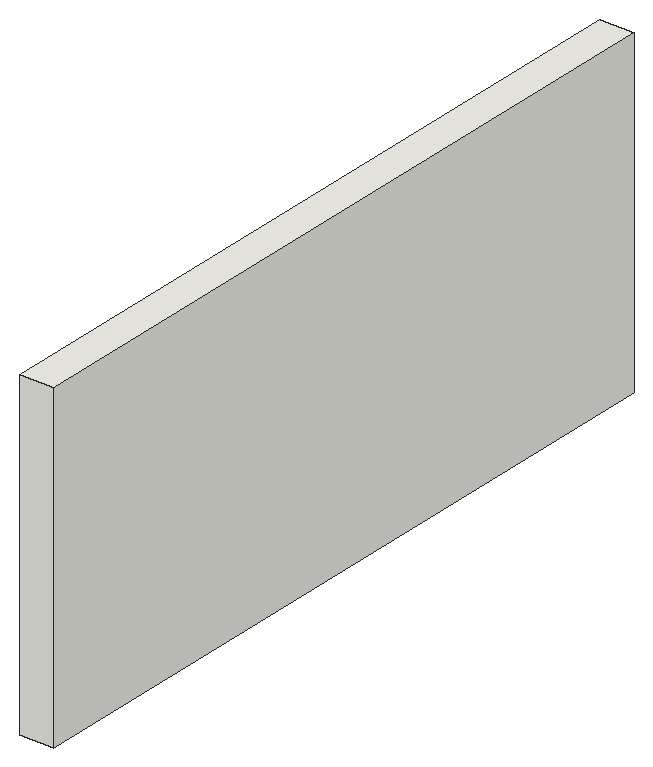
Revit family "Sanitary_Screens-Dividers_Stern-Engineering_Urinal-partition1", category Specialty Equipment, host Face, Revit 2021
Family settings
  Host = Face
  Round Connector Dimension = Use Diameter
  Part Type = Normal
  OmniClass Number = 23.25.40.14.14
  OmniClass Title = Sanitary Partitions and Cubicles
  Cut with Voids When Loaded = No
  Shared = No
  Room Calculation Point = No
Parameters (values of type "Default - Create Custom Size Partition")
  Width [instance] = 42.00 mm  # constant formula
  Version = 1
  URL = "https://sternfaucets.com/"
  Product data url = "https://bimobject.com/stern-engineering/product/touchless-wc-cubicles"
  Model = "Urinal partition"
  Max Height [instance] = 2900.00 mm  # constant formula
  Max Depth [instance] = 1500.00 mm  # constant formula
  Manufacturer = "Stern Engineering"  # constant formula
  Height [instance] = 900.00 mm
  Finish [instance] = Stern Engineering - HPL - Ivory White
  Description = "HPL Wall Mounted Urinal Partition"
  Depth [instance] = 400.00 mm
  Default Elevation = 1219.20 mm
  Date Updated = ""
  Date Created = "2023/10/20"
Reference planes
  plane 1 "Center (Front/Back)": y = 0
  plane 2: z = 0
  plane 3 "Center (Left/Right)": x = 0
  plane 4: x = -21
  plane 5: x = 21
  plane 6: y = 900
  plane 7: z = 400
Forms (mm)
  Extrusion 1, solid, material "Stern Engineering - HPL - Ivory White" <- "Finish"
    sketch origin (0, 0, 0) x (1, 0, 0) y (0, 1, 0)
      loop
        line (-21, 0) -> (21, 0) -> (21, 900) -> (-21, 900) -> (-21, 0)
    from 0 to 400
Lines and regions (mm)
  Masking region 1
    outline origin (0, 0, 0) x (1, 0, 0) y (0, 0, 1)
      loop
        line (-21, 400) -> (-21, 0) -> (21, 0) -> (21, 400) -> (-21, 400)
Dimensions and locks
  equal spacing: plane 4, plane 3 "Center (Left/Right)", plane 5
  "Width": plane 4 to plane 5
  "Height": plane 6 to plane 1 "Center (Front/Back)"
  "Depth": plane 7 to level
  plane 3 "Center (Left/Right)" to Extrusion 1 = 21.00 mm
  aligned and locked: plane 2 to host face
  aligned and locked: level to host face
  aligned and locked: plane 1 "Center (Front/Back)" to Extrusion 1 sketch curve
  aligned and locked: Extrusion 1 sketch curve to plane 4
  aligned and locked: plane 6 to Extrusion 1 sketch curve
  aligned and locked: Extrusion 1 sketch curve to plane 5
  aligned and locked: Extrusion 1 to level
  aligned and locked: plane 7 to Extrusion 1
  aligned and locked: Masking region 1 sketch curve to Extrusion 1  (x4)
Automatic sketch dimensions
  host sketch curve to host sketch curve = 2438.40 mm  (x2)
